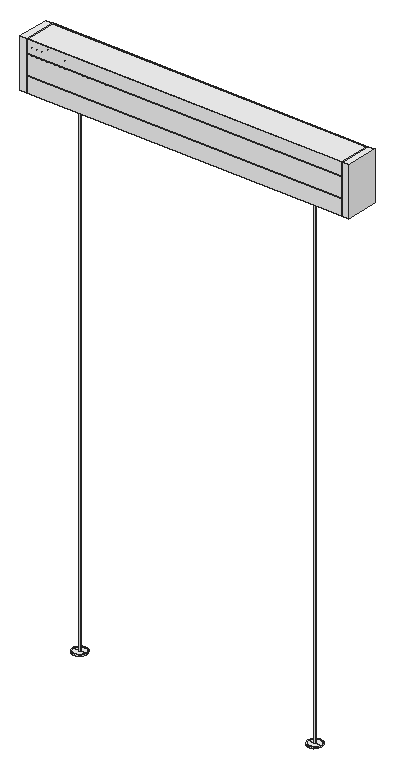
Revit family "2.3 inch  MAGIC WALL WASH LINEAR LIGHT", category Lighting Fixtures, host Face, Revit 2020 (continued)
Types (17): name | Wattage Comments | Wattage | Wall Mount | Suspenders Distance | Surface Mount | Recessed Mount | Photometric Web File | Pendent Mount | Order number | built-in parameter 1150142 | Model | built-in parameter 1150105 | Lumens | Light Source Height | Light Source Distance | built-in parameter 1150106 | Fixture Length
     1037.14  1020.53  1003.73  986.90   \r\n 970.03   953.12   936.17   919.18   902.15   885.09   867.98   850.84   833.66   816.44   \r\n 799.19   781.93   764.93   748.38   731.77   715.08   698.34   681.53   664.66   647.72   \r\n 630.73   613.68   596.57   579.40   562.18   544.91   527.58   510.20   492.77   475.26   \r\n 457.68   440.06   422.40   404.72   386.99   369.24   351.45   333.64   315.79   297.92   \r\n 280.02   262.29   253.54   244.80   236.06   227.33   218.60   209.88   201.16   192.45   \r\n 183.74   175.04   166.34   157.64   148.95   140.26   131.58   122.89   114.22   105.54   \r\n 96.86    88.19    79.52    70.85    62.18    53.52    44.85    36.19    27.52    18.86    \r\n 10.19    9.97     9.75     9.53     9.31     9.09     8.87     8.65     8.43     8.20     \r\n 7.98     7.76     7.54     7.32     7.10     6.88     6.66     6.44     6.22     6.00     \r\n 5.78     5.56     5.34     5.12     4.90     4.69     4.47     4.25     4.04     3.82     \r\n 3.87     3.92     3.96     4.01     4.06     4.11     4.16     4.21     4.25     4.30     \r\n 4.35     4.40     4.44     4.49     4.54     4.58     4.63     4.68     4.72     4.77     \r\n 4.81     4.86     4.90     4.95     4.99     5.03     5.08     5.12     5.16     5.17     \r\n 5.16     5.15     5.14     5.13     5.12     5.10     5.09     5.08     5.07     5.06     \r\n 5.05     5.04     5.04     5.03     5.01     5.00     4.99     4.98     4.97     4.96     \r\n 4.95     4.94     4.93     4.93     4.92     4.92     4.91     4.91     4.90     4.87     \r\n 4.84     4.81     4.78     4.75     4.72     4.69     4.66     4.64     4.62     4.59     \r\n 4.57     4.55     4.53     4.51     4.48     4.46     4.44     4.42     4.40     4.38     \r\n 4.36     4.35     4.33     4.31     4.30     4.28     4.27     4.25     4.24     4.23     \r\n 4.21     4.20     4.19     4.18     4.16     4.15     4.14     4.13     4.11     4.10     \r\n 4.09     4.08     4.07     4.06     4.04     4.03     4.02     4.01     4.00     4.00     \r\n 3.99     3.98     3.97     3.96     3.95     3.95     3.94     3.93     3.92     3.92     \r\n 3.92     3.93     3.94     3.95     3.96     3.97     3.98     3.99     4.00     4.01     \r\n 4.01     4.02     4.03     4.04     4.04     4.05     4.07     4.08     4.10     4.11     \r\n 4.12     4.13     4.15     4.16     4.18     4.19     4.20     4.22     4.23     4.25     \r\n 4.26     \r\n1793.11  1795.21  1797.29  1799.35  1801.40  1803.42  1805.37  1807.02  1808.67  1810.31  \r\n 1811.94  1813.57  1815.12  1816.48  1817.82  1819.16  1820.50  1821.83  1823.07  1824.17  \r\n 1825.28  1826.38  1827.48  1828.58  1829.60  1830.56  1831.52  1832.49  1833.46  1834.45  \r\n 1835.30  1836.00  1835.77  1831.01  1826.22  1821.41  1816.51  1811.49  1806.44  1801.37  \r\n 1796.28  1791.17  1786.01  1780.75  1775.46  1770.16  1764.82  1759.47  1754.09  1748.18  \r\n 1742.25  1736.34  1730.42  1724.51  1718.60  1712.90  1707.37  1701.82  1696.26  1690.68  \r\n 1685.09  1679.48  1673.16  1666.81  1656.35  1645.24  1634.10  1622.93  1611.82  1601.02  \r\n 1590.16  1579.24  1568.25  1557.22  1546.12  1534.90  1523.25  1511.56  1499.83  1488.06  \r\n 1476.25  1464.39  1452.49  1440.64  1428.79  1416.91  1404.99  1393.04  1381.06  1369.05  \r\n 1357.00  1344.53  1331.99  1319.40  1305.06  1288.47  1271.83  1255.14  1238.39  1221.58  \r\n 1204.70  1187.75  1170.74  1153.67  1136.53  1119.32  1102.05  1084.72  1067.15  1049.39  \r\n 1031.55  1013.63  995.63   977.55   959.39   941.16   922.85   904.47   885.84   866.98   \r\n 848.02   828.98   809.86   790.66   772.07   753.51   734.96   716.40   697.85   679.29   \r\n 660.48   641.62   622.80   604.02   585.27   566.56   547.89   529.24   510.63   492.05   \r\n 473.50   454.98   436.49   418.03   399.59   381.14   362.73   344.36   326.05   307.78   \r\n 289.55   271.37   255.74   247.07   238.40   229.73   221.05   212.38   203.69   195.01   \r\n 186.32   177.63   168.94   160.24   151.54   142.84   134.14   125.44   116.73   108.02   \r\n 99.31    90.60    81.88    73.16    64.45    55.73    47.01    38.29    29.56    20.84    \r\n 12.12    11.83    11.54    11.25    10.96    10.67    10.37    10.08    9.79     9.50     \r\n 9.21     8.91     8.62     8.33     8.04     7.75     7.46     7.17     6.88     6.59     \r\n 6.31     6.02     5.73     5.45     5.17     4.88     4.60     4.32     4.04     4.01     \r\n 4.07     4.12     4.17     4.23     4.28     4.33     4.38     4.43     4.47     4.52     \r\n 4.56     4.61     4.65     4.69     4.73     4.77     4.81     4.85     4.89     4.93     \r\n 4.96     5.00     5.05     5.09     5.14     5.19     5.24     5.29     5.28     5.28     \r\n 5.28     5.28     5.27     5.27     5.27     5.26     5.26     5.26     5.25     5.25     \r\n 5.24     5.23     5.23     5.22     5.21     5.20     5.19     5.17     5.16     5.15     \r\n 5.14     5.13     5.11     5.10     5.08     5.06     5.05     5.01     4.96     4.92     \r\n 4.87     4.83     4.79     4.75     4.71     4.67     4.63     4.59     4.56     4.52     \r\n 4.49     4.46     4.43     4.40     4.37     4.34     4.31     4.28     4.26     4.23     \r\n 4.21     4.18     4.16     4.14     4.12     4.10     4.09     4.07     4.06     4.05     \r\n 4.04     4.02     4.01     4.00     3.98     3.97     3.96     3.95     3.94     3.93     \r\n 3.92     3.91     3.90     3.89     3.88     3.87     3.87     3.86     3.85     3.84     \r\n 3.84     3.83     3.82     3.82     3.81     3.80     3.80     3.80     3.79     3.80     \r\n 3.81     3.82     3.84     3.85     3.86     3.87     3.88     3.90     3.91     3.92     \r\n 3.94     3.95     3.97     3.98     3.99     4.00     4.01     4.02     4.03     4.05     \r\n 4.07     4.08     4.10     4.12     4.14     4.16     4.18     4.20     4.22     4.24     \r\n 4.26     \r\n1793.11  1796.46  1799.80  1803.11  1806.40  1809.54  1812.36  1815.17  1817.98  1820.78  \r\n 1823.40  1825.85  1828.31  1830.75  1833.19  1835.41  1837.56  1839.71  1841.87  1844.02  \r\n 1845.95  1847.89  1849.84  1851.81  1853.73  1855.43  1857.12  1858.79  1860.45  1862.03  \r\n 1863.45  1864.85  1866.24  1867.29  1863.29  1859.20  1855.07  1850.93  1846.75  1842.08  \r\n 1837.03  1831.97  1826.93  1821.89  1817.19  1812.76  1808.31  1803.85  1799.37  1794.50  \r\n 1789.17  1783.82  1778.43  1773.02  1767.74  1762.80  1757.85  1752.90  1747.93  1742.92  \r\n 1737.21  1731.51  1725.80  1720.08  1714.37  1708.64  1698.03  1687.37  1676.68  1665.94  \r\n 1655.14  1644.09  1632.97  1621.78  1610.52  1599.19  1587.62  1575.82  1563.99  1552.13  \r\n 1540.24  1528.32  1516.30  1504.19  1492.04  1479.85  1467.62  1455.34  1443.01  1430.59  \r\n 1418.10  1405.54  1392.92  1380.23  1367.47  1354.59  1339.89  1322.06  1304.02  1285.78  \r\n 1267.33  1248.46  1228.65  1208.66  1188.49  1168.14  1147.61  1126.91  1106.03  1084.60  \r\n 1062.97  1041.18  1019.23  997.11   974.84   952.41   929.82   906.80   883.69   860.50   \r\n 837.23   813.87   790.44   766.92   743.33   720.93   702.51   684.24   666.12   648.15   \r\n 630.31   612.62   595.06   577.64   560.35   543.18   526.08   509.07   492.19   475.42   \r\n 458.77   442.22   425.79   409.45   393.22   377.08   361.03   345.08   329.21   313.40   \r\n 297.63   281.93   266.29   252.70   243.81   234.92   226.03   217.16   208.29   199.43   \r\n 190.57   181.72   172.88   164.04   155.21   146.38   137.55   128.73   119.91   111.10   \r\n 102.29   93.48    84.67    75.87    67.06    58.26    49.46    40.66    31.86    23.06    \r\n 14.26    13.89    13.52    13.14    12.77    12.40    12.03    11.65    11.28    10.91    \r\n 10.53    10.16    9.79     9.41     9.04     8.67     8.30     7.93     7.56     7.19     \r\n 6.82     6.45     6.09     5.72     5.36     5.00     4.64     4.28     4.22     4.28     \r\n 4.34     4.41     4.47     4.53     4.59     4.65     4.71     4.77     4.83     4.89     \r\n 4.95     5.01     5.07     5.13     5.19     5.24     5.30     5.36     5.41     5.47     \r\n 5.52     5.58     5.63     5.69     5.74     5.79     5.79     5.77     5.76     5.74     \r\n 5.72     5.70     5.68     5.66     5.65     5.63     5.61     5.59     5.58     5.56     \r\n 5.54     5.53     5.51     5.49     5.48     5.46     5.45     5.43     5.42     5.40     \r\n 5.39     5.37     5.36     5.34     5.33     5.29     5.23     5.17     5.11     5.05     \r\n 5.00     4.94     4.89     4.83     4.78     4.73     4.68     4.63     4.58     4.53     \r\n 4.49     4.44     4.39     4.35     4.31     4.26     4.22     4.18     4.14     4.10     \r\n 4.06     4.02     3.99     3.95     3.92     3.88     3.87     3.86     3.85     3.84     \r\n 3.83     3.82     3.81     3.80     3.79     3.78     3.77     3.76     3.76     3.75     \r\n 3.74     3.74     3.73     3.72     3.72     3.71     3.70     3.70     3.69     3.69     \r\n 3.68     3.68     3.67     3.67     3.67     3.67     3.66     3.66     3.68     3.69     \r\n 3.71     3.72     3.74     3.75     3.77     3.78     3.80     3.81     3.83     3.85     \r\n 3.86     3.88     3.89     3.91     3.93     3.95     3.97     3.98     3.99     4.01     \r\n 4.02     4.04     4.06     4.08     4.11     4.13     4.16     4.18     4.21     4.23     \r\n 4.26     \r\n1793.11  1797.69  1802.25  1806.79  1811.30  1815.26  1819.22  1823.17  1827.12  1830.66  \r\n 1834.21  1837.74  1841.27  1844.45  1847.63  1850.81  1854.00  1856.90  1859.80  1862.73  \r\n 1865.66  1868.36  1871.03  1873.68  1876.32  1878.74  1881.11  1883.45  1885.79  1887.94  \r\n 1890.05  1892.15  1894.25  1895.60  1896.54  1894.33  1890.17  1886.47  1883.14  1879.80  \r\n 1876.44  1872.75  1868.47  1864.15  1859.80  1855.47  1851.53  1847.58  1843.63  1839.67  \r\n 1834.91  1830.02  1825.14  1820.25  1815.61  1811.15  1806.62  1802.01  1797.27  1792.04  \r\n 1786.81  1781.58  1776.35  1770.72  1764.83  1758.88  1752.88  1746.83  1737.71  1726.71  \r\n 1715.66  1704.57  1693.53  1682.57  1671.52  1660.38  1649.17  1637.55  1625.73  1613.85  \r\n 1601.93  1589.96  1577.49  1564.74  1551.85  1538.83  1525.67  1511.96  1497.94  1483.79  \r\n 1469.52  1455.14  1440.17  1424.42  1408.45  1392.28  1375.89  1359.30  1341.11  1318.36  \r\n 1294.39  1270.38  1246.32  1221.90  1196.35  1170.88  1145.48  1120.16  1094.91  1069.73  \r\n 1044.57  1019.52  994.58   969.76   945.04   920.44   896.18   872.18   848.28   824.47   \r\n 800.77   777.15   753.64   730.25   706.99   683.84   660.79   638.73   622.67   606.72   \r\n 590.87   575.24   559.79   544.42   529.12   513.89   498.74   483.65   468.63   453.68   \r\n 438.82   424.08   409.38   394.74   380.14   365.59   351.08   336.61   322.19   307.81   \r\n 293.47   279.16   264.89   250.65   237.15   228.49   219.86   211.25   202.65   194.07   \r\n 185.50   176.95   168.41   159.89   151.38   142.88   134.39   125.92   117.45   108.99   \r\n 100.54   92.10    83.66    75.23    66.80    58.37    49.95    41.54    33.12    24.70    \r\n 16.29    15.83    15.38    14.92    14.46    14.00    13.55    13.09    12.63    12.17    \r\n 11.71    11.25    10.80    10.34    9.88     9.42     8.97     8.51     8.06     7.61     \r\n 7.16     6.71     6.26     5.81     5.37     4.93     4.49     4.49     4.56     4.63     \r\n 4.71     4.78     4.85     4.92     4.99     5.06     5.13     5.20     5.26     5.33     \r\n 5.40     5.46     5.53     5.59     5.65     5.71     5.78     5.84     5.90     5.96     \r\n 6.02     6.08     6.14     6.20     6.19     6.18     6.16     6.14     6.12     6.11     \r\n 6.09     6.07     6.05     6.03     6.01     6.00     5.98     5.96     5.94     5.92     \r\n 5.90     5.88     5.86     5.84     5.82     5.80     5.78     5.75     5.73     5.71     \r\n 5.69     5.66     5.63     5.55     5.47     5.40     5.32     5.24     5.17     5.10     \r\n 5.03     4.97     4.91     4.85     4.79     4.73     4.68     4.62     4.57     4.52     \r\n 4.46     4.41     4.36     4.31     4.26     4.21     4.16     4.11     4.07     4.02     \r\n 3.98     3.94     3.90     3.86     3.83     3.81     3.78     3.75     3.73     3.71     \r\n 3.69     3.67     3.65     3.63     3.61     3.60     3.58     3.57     3.57     3.56     \r\n 3.56     3.55     3.55     3.54     3.54     3.53     3.53     3.53     3.53     3.53     \r\n 3.53     3.53     3.53     3.52     3.52     3.53     3.53     3.55     3.57     3.59     \r\n 3.61     3.62     3.64     3.66     3.68     3.70     3.72     3.74     3.76     3.77     \r\n 3.79     3.81     3.83     3.85     3.87     3.89     3.91     3.94     3.96     3.98     \r\n 3.99     4.01     4.02     4.05     4.08     4.10     4.13     4.16     4.20     4.23     \r\n 4.26     \r\n1793.11  1798.89  1804.64  1810.37  1815.75  1820.82  1825.89  1830.95  1835.55  1840.15  \r\n 1844.75  1849.12  1853.30  1857.48  1861.65  1865.48  1869.32  1873.19  1876.94  1880.56  \r\n 1884.17  1887.76  1891.08  1894.37  1897.65  1900.77  1903.74  1906.70  1909.66  1911.57  \r\n 1913.32  1915.03  1917.00  1919.52  1922.05  1924.60  1926.43  1924.27  1920.99  1917.73  \r\n 1914.78  1911.83  1908.88  1905.38  1901.32  1897.26  1893.21  1889.92  1886.73  1883.47  \r\n 1880.01  1875.57  1871.13  1866.69  1862.12  1857.28  1852.37  1847.41  1842.27  1837.00  \r\n 1831.70  1826.37  1821.17  1816.04  1810.92  1805.79  1800.09  1794.21  1788.31  1782.38  \r\n 1776.48  1767.30  1756.20  1744.94  1732.84  1720.41  1707.83  1695.10  1682.04  1668.65  \r\n 1654.98  1641.03  1626.37  1610.82  1594.91  1578.65  1561.85  1543.35  1524.39  1504.99  \r\n 1485.14  1464.67  1443.66  1422.17  1400.21  1377.82  1355.39  1332.55  1309.28  1285.60  \r\n 1261.43  1236.76  1211.47  1186.10  1160.88  1135.77  1110.78  1085.98  1061.36  1036.94  \r\n 1012.72  988.81   965.10   941.58   918.26   895.12   872.19   849.46   826.92   804.57   \r\n 782.41   760.43   738.60   716.93   695.42   674.08   652.91   631.89   611.04   590.38   \r\n 573.41   558.67   544.00   529.39   514.85   500.37   485.93   471.56   457.25   443.00   \r\n 428.82   414.69   400.63   386.62   372.70   358.85   345.04   331.26   317.52   303.82   \r\n 290.14   276.50   262.88   249.30   235.74   222.21   212.66   204.39   196.15   187.92   \r\n 179.71   171.52   163.35   155.20   147.06   138.94   130.83   122.73   114.65   106.57   \r\n 98.51    90.46    82.41    74.37    66.34    58.31    50.28    42.26    34.24    26.22    \r\n 18.20    17.66    17.11    16.57    16.02    15.47    14.92    14.37    13.83    13.28    \r\n 12.73    12.18    11.63    11.09    10.54    10.00    9.45     8.91     8.37     7.83     \r\n 7.30     6.76     6.23     5.70     5.17     4.79     4.87     4.94     5.02     5.09     \r\n 5.17     5.24     5.32     5.39     5.46     5.53     5.60     5.67     5.74     5.80     \r\n 5.87     5.94     6.00     6.06     6.13     6.19     6.25     6.31     6.38     6.44     \r\n 6.50     6.53     6.51     6.49     6.48     6.47     6.45     6.44     6.42     6.40     \r\n 6.39     6.37     6.36     6.34     6.33     6.31     6.29     6.28     6.26     6.24     \r\n 6.23     6.21     6.19     6.16     6.14     6.12     6.10     6.07     6.05     6.00     \r\n 5.91     5.82     5.74     5.65     5.57     5.49     5.41     5.33     5.25     5.17     \r\n 5.10     5.02     4.95     4.87     4.80     4.73     4.66     4.59     4.52     4.45     \r\n 4.38     4.31     4.24     4.18     4.12     4.07     4.01     3.96     3.92     3.88     \r\n 3.85     3.82     3.78     3.75     3.72     3.69     3.66     3.63     3.61     3.58     \r\n 3.56     3.54     3.52     3.50     3.48     3.46     3.45     3.43     3.42     3.41     \r\n 3.39     3.39     3.38     3.37     3.37     3.37     3.36     3.36     3.36     3.36     \r\n 3.36     3.36     3.37     3.37     3.38     3.40     3.43     3.45     3.47     3.49     \r\n 3.51     3.53     3.56     3.58     3.60     3.62     3.64     3.66     3.68     3.71     \r\n 3.73     3.75     3.77     3.79     3.82     3.84     3.86     3.89     3.91     3.94     \r\n 3.97     3.98     4.00     4.01     4.05     4.08     4.11     4.15     4.19     4.22     \r\n 4.26     \r\n1793.11  1800.04  1806.94  1813.82  1820.05  1826.20  1832.34  1838.08  1843.71  1849.33  \r\n 1854.63  1859.78  1864.93  1869.85  1874.59  1879.35  1884.04  1888.58  1893.11  1897.54  \r\n 19
